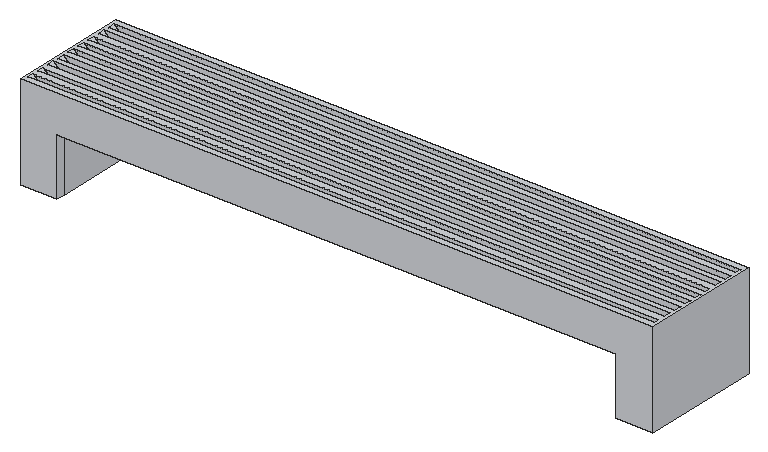
Revit family "SP10", category Mechanical Equipment, Revit 2017
Family settings
  Round Connector Dimension = Use Diameter
  Part Type = Normal
  OmniClass Number = 23.75.00.00
  OmniClass Title = Climate Control (HVAC)
  Work Plane-Based = No
  Always vertical = Yes
  Cut with Voids When Loaded = No
  Shared = No
  Room Calculation Point = No
Parameters
  Width = 227 mm
  Length = 1200 mm
  Leg height = 180 mm
  Height = 180 mm
Reference planes
  plane 1 "Center (Front/Back)": y = 0
  plane 2: z = 0
  plane 3 "Center (Left/Right)": x = 0
  plane 4: x = 0
  plane 5: x = -600
  plane 6: x = 600
  plane 7: x = -595
  plane 8: x = -580
  plane 9: x = 595
  plane 10: x = 580
  plane 11: x = 597
  plane 12: x = -597
  plane 13: z = 180
  plane 14: z = 165
  plane 15: z = 125
  plane 16: z = 110
  plane 17: y = -3
  plane 18: y = -227
  plane 19: y = -224
  plane 20: y = -209
  plane 21: y = -18
  plane 22: x = -530
  plane 23: x = 530
  plane 24: x = -533
  plane 25: x = 533
  plane 26 "Center": y = -113.5
Forms (mm)
  Extrusion 1, solid
    sketch origin (0, 0, 0) x (1, 0, 0) y (0, 0, 1)
      loop
        line (-600, 180) -> (-600, 110) -> (-595, 110) -> (-580, 125) -> (-580, 165) -> (-595, 180) -> (-600, 180)
      loop
        line (600, 180) -> (595, 180) -> (580, 165) -> (580, 125) -> (595, 110) -> (600, 110) -> (600, 180)
    from 0 to 227
  Extrusion 2, solid
    sketch origin (0, 0, 0) x (1, 0, 0) y (0, 1, 0)
      loop
        line (530, -18) -> (533, -18) -> (533, -3) -> (597, -3) -> (597, -224) -> (533, -224) -> (533, -209) -> (530, -209) -> (530, -227) -> (600, -227) -> (600, 0) -> (530, 0) -> (530, -18)
      loop
        line (-530, -18) -> (-530, 0) -> (-600, 0) -> (-600, -227) -> (-530, -227) -> (-530, -209) -> (-533, -209) -> (-533, -224) -> (-597, -224) -> (-597, -3) -> (-533, -3) -> (-533, -18) -> (-530, -18)
    from 0 to 110
  Extrusion 3, solid
    sketch origin (0, 0, 0) x (1, 0, 0) y (0, 1, 0)
      loop
        line (-595, 0) -> (-595, -11) -> (595, -11) -> (595, 0) -> (-595, 0)
    from 110 to 180
  Extrusion 4, solid
    sketch origin (0, -24, 0) x (1, 0, 0) y (0, 1, 0)
      loop
        line (-595, 0) -> (-595, -11) -> (595, -11) -> (595, 0) -> (-595, 0)
    from 110 to 180
  Extrusion 5, solid
    sketch origin (0, -48, 0) x (1, 0, 0) y (0, 1, 0)
      loop
        line (-595, 0) -> (-595, -11) -> (595, -11) -> (595, 0) -> (-595, 0)
    from 110 to 180
  Extrusion 6, solid
    sketch origin (0, -72, 0) x (1, 0, 0) y (0, 1, 0)
      loop
        line (-595, 0) -> (-595, -11) -> (595, -11) -> (595, 0) -> (-595, 0)
    from 110 to 180
  Extrusion 7, solid
    sketch origin (0, -96, 0) x (1, 0, 0) y (0, 1, 0)
      loop
        line (-595, 0) -> (-595, -11) -> (595, -11) -> (595, 0) -> (-595, 0)
    from 110 to 180
  Extrusion 8, solid
    sketch origin (0, -120, 0) x (1, 0, 0) y (0, 1, 0)
      loop
        line (-595, 0) -> (-595, -11) -> (595, -11) -> (595, 0) -> (-595, 0)
    from 110 to 180
  Extrusion 9, solid
    sketch origin (0, -144, 0) x (1, 0, 0) y (0, 1, 0)
      loop
        line (-595, 0) -> (-595, -11) -> (595, -11) -> (595, 0) -> (-595, 0)
    from 110 to 180
  Extrusion 10, solid
    sketch origin (0, -168, 0) x (1, 0, 0) y (0, 1, 0)
      loop
        line (-595, 0) -> (-595, -11) -> (595, -11) -> (595, 0) -> (-595, 0)
    from 110 to 180
  Extrusion 11, solid
    sketch origin (0, -192, 0) x (1, 0, 0) y (0, 1, 0)
      loop
        line (-595, 0) -> (-595, -11) -> (595, -11) -> (595, 0) -> (-595, 0)
    from 110 to 180
  Extrusion 12, solid
    sketch origin (0, -216, 0) x (1, 0, 0) y (0, 1, 0)
      loop
        line (-595, 0) -> (-595, -11) -> (595, -11) -> (595, 0) -> (-595, 0)
    from 110 to 180
  Extrusion 13, solid
    sketch origin (0, 0, 0) x (1, 0, 0) y (0, 1, 0)
      loop
        circle (-553, -53.5) r 10.5
      loop
        circle (-553, -173.5) r 10.5
      loop
        circle (553, -53.5) r 10.5
      loop
        circle (553, -173.5) r 10.5
    from 95 to 110
  Extrusion 14, solid
    sketch origin (0, 0, 0) x (1, 0, 0) y (0, 1, 0)
      loop
        line (-533, -18) -> (-533, -209) -> (-530, -209) -> (-530, -18) -> (-533, -18)
      loop
        line (533, -18) -> (530, -18) -> (530, -209) -> (533, -209) -> (533, -18)
    from 0 to 110
Cuts and joins
  joined: Extrusion 1, Extrusion 2, Extrusion 3, Extrusion 4, Extrusion 5, Extrusion 6, Extrusion 7, Extrusion 8, Extrusion 9, Extrusion 10, Extrusion 11, Extrusion 12
Dimensions and locks
  equal spacing: plane 5, plane 4, plane 6
  "Length": plane 5 to plane 6
  locked: plane 7 to plane 8 at 15
  locked: plane 5 to plane 7 at 5
  locked: plane 9 to plane 10 at 15
  locked: plane 6 to plane 9 at 5
  locked: plane 11 to plane 6 at 3
  locked: plane 5 to plane 12 at 3
  "Height": plane 13 to level
  locked: plane 13 to plane 14 at 15
  locked: plane 13 to plane 16 at 70
  locked: plane 15 to plane 16 at 15
  "Width": plane 18 to plane 1 "Center (Front/Back)"
  locked: plane 23 to plane 6 at 70
  locked: plane 17 to plane 1 "Center (Front/Back)" at 3
  locked: plane 19 to plane 18 at 3
  locked: plane 21 to plane 1 "Center (Front/Back)" at 18
  locked: plane 20 to plane 18 at 18
  locked: plane 24 to plane 22 at 3
  locked: plane 23 to plane 25 at 3
  Extrusion 3 sketch curve to Extrusion 3 sketch curve = 11 mm
  Extrusion 4 sketch curve to Extrusion 4 sketch curve = 11 mm
  Extrusion 5 sketch curve to Extrusion 5 sketch curve = 11 mm
  Extrusion 6 sketch curve to Extrusion 6 sketch curve = 11 mm
  Extrusion 7 sketch curve to Extrusion 7 sketch curve = 11 mm
  Extrusion 8 sketch curve to Extrusion 8 sketch curve = 11 mm
  Extrusion 9 sketch curve to Extrusion 9 sketch curve = 11 mm
  Extrusion 10 sketch curve to Extrusion 10 sketch curve = 11 mm
  Extrusion 11 sketch curve to Extrusion 11 sketch curve = 11 mm
  Extrusion 12 sketch curve to Extrusion 12 sketch curve = 11 mm
  locked: plane 5 to plane 22 at 70
  equal spacing: plane 18, plane 26 "Center", plane 1 "Center (Front/Back)"
  Extrusion 13 sketch curve to plane 1 "Center (Front/Back)" = 53.5 mm
  Extrusion 13 sketch curve to plane 18 = 53.5 mm
  locked: plane 5 to Extrusion 13 sketch curve at 47  (x2)
  locked: Extrusion 13 sketch curve to plane 1 "Center (Front/Back)" at 53.5
  locked: Extrusion 13 sketch curve to plane 18 at 53.5
  locked: Extrusion 13 sketch curve to plane 6 at 47  (x2)
  locked: plane 16 to Extrusion 13 at 15
  locked: Extrusion 3 to Extrusion 3 at 11
  locked: Extrusion 4 to Extrusion 3 at 13
  plane 21 to Extrusion 4 to Extrusion 4 = 6 mm locked, 11 mm locked
  locked: Extrusion 5 to Extrusion 4 at 13
  locked: Extrusion 5 to Extrusion 5 at 11
  locked: Extrusion 6 to Extrusion 5 at 13
  locked: Extrusion 6 to Extrusion 6 at 11
  locked: Extrusion 7 to Extrusion 6 at 13
  locked: Extrusion 7 to Extrusion 7 at 11
  locked: Extrusion 8 to Extrusion 7 at 13
  locked: Extrusion 8 to Extrusion 8 at 11
  locked: Extrusion 9 to Extrusion 8 at 13
  locked: Extrusion 9 to Extrusion 9 at 11
  locked: Extrusion 10 to Extrusion 9 at 13
  locked: Extrusion 10 to Extrusion 10 at 11
  locked: Extrusion 11 to Extrusion 10 at 13
  locked: Extrusion 11 to Extrusion 11 at 11
  locked: Extrusion 12 to Extrusion 11 at 13
  locked: Extrusion 12 to Extrusion 12 at 11
  aligned and locked: level to plane 2
  aligned and locked: plane 5 to Extrusion 1 sketch curve
  aligned and locked: Extrusion 1 sketch curve to plane 8
  aligned and locked: plane 16 to Extrusion 1 sketch curve
  aligned and locked: Extrusion 1 sketch curve to plane 13
  aligned and locked: Extrusion 1 sketch curve to plane 6
  aligned and locked: plane 13 to Extrusion 1 sketch curve
  aligned and locked: plane 10 to Extrusion 1 sketch curve
  aligned and locked: Extrusion 1 sketch curve to plane 16
  aligned and locked: plane 17 to Extrusion 2 sketch curve
  aligned and locked: Extrusion 2 sketch curve to plane 25  (x2)
  aligned and locked: plane 21 to Extrusion 2 sketch curve
  aligned and locked: plane 23 to Extrusion 2 sketch curve  (x2)
  aligned and locked: plane 1 "Center (Front/Back)" to Extrusion 2 sketch curve
  aligned and locked: plane 11 to Extrusion 2 sketch curve
  aligned and locked: plane 6 to Extrusion 2 sketch curve
  aligned and locked: Extrusion 2 sketch curve to plane 19
  aligned and locked: Extrusion 2 sketch curve to plane 20
  aligned and locked: plane 18 to Extrusion 2 sketch curve
  aligned and locked: plane 22 to Extrusion 2 sketch curve  (x2)
  aligned and locked: Extrusion 2 sketch curve to plane 24  (x2)
  aligned and locked: Extrusion 2 sketch curve to plane 21
  aligned and locked: Extrusion 2 sketch curve to plane 1 "Center (Front/Back)"
  aligned and locked: Extrusion 2 sketch curve to plane 17
  aligned and locked: plane 20 to Extrusion 2 sketch curve
  aligned and locked: Extrusion 2 sketch curve to plane 18
  aligned and locked: plane 19 to Extrusion 2 sketch curve
  aligned and locked: Extrusion 2 sketch curve to plane 12
  aligned and locked: Extrusion 2 sketch curve to plane 5
  aligned and locked: plane 16 to Extrusion 2
  aligned and locked: plane 13 to Extrusion 3
  aligned and locked: Extrusion 3 to plane 16
  aligned and locked: Extrusion 12 to plane 9
  aligned and locked: Extrusion 11 to plane 9
  aligned and locked: Extrusion 10 to plane 9
  aligned and locked: Extrusion 9 to plane 9
  aligned and locked: Extrusion 8 to plane 9
  aligned and locked: Extrusion 7 to plane 9
  aligned and locked: Extrusion 6 to plane 9
  aligned and locked: Extrusion 5 to plane 9
  aligned and locked: Extrusion 4 to plane 9
  aligned and locked: Extrusion 3 to plane 9
  aligned and locked: plane 16 to Extrusion 13
  aligned and locked: plane 13 to Extrusion 12
  aligned and locked: plane 13 to Extrusion 11
  aligned and locked: plane 13 to Extrusion 10
  aligned and locked: plane 13 to Extrusion 9
  aligned and locked: plane 13 to Extrusion 8
  aligned and locked: plane 13 to Extrusion 7
  aligned and locked: plane 13 to Extrusion 6
  aligned and locked: plane 13 to Extrusion 5
  aligned and locked: plane 13 to Extrusion 4
  aligned and locked: Extrusion 12 to plane 16
  aligned and locked: Extrusion 11 to plane 16
  aligned and locked: Extrusion 10 to plane 16
  aligned and locked: Extrusion 9 to plane 16
  aligned and locked: Extrusion 8 to plane 16
  aligned and locked: Extrusion 7 to plane 16
  aligned and locked: Extrusion 6 to plane 16
  aligned and locked: Extrusion 5 to plane 16
  aligned and locked: Extrusion 4 to plane 16
  aligned and locked: Extrusion 1 to plane 18
  aligned and locked: Extrusion 14 sketch curve to plane 21
  aligned and locked: plane 24 to Extrusion 14 sketch curve
  aligned and locked: Extrusion 14 sketch curve to plane 22
  aligned and locked: plane 20 to Extrusion 14 sketch curve
  aligned and locked: plane 21 to Extrusion 14 sketch curve
  aligned and locked: Extrusion 2 to Extrusion 14 sketch curve
  aligned and locked: plane 25 to Extrusion 14 sketch curve
  aligned and locked: Extrusion 14 sketch curve to plane 20
  aligned and locked: plane 16 to Extrusion 14
Automatic sketch dimensions
  Extrusion 1 sketch curve to plane 7 = 0 mm  (x2)
  plane 9 to Extrusion 1 sketch curve = 0 mm  (x2)
  Extrusion 1 sketch curve to plane 15 = 0 mm  (x2)
  Extrusion 1 sketch curve to plane 14 = 0 mm  (x2)
  Extrusion 3 sketch curve to Extrusion 3 sketch curve = 1190 mm
  Extrusion 4 sketch curve to Extrusion 4 sketch curve = 1190 mm
  Extrusion 5 sketch curve to Extrusion 5 sketch curve = 1190 mm
  Extrusion 6 sketch curve to Extrusion 6 sketch curve = 1190 mm
  Extrusion 7 sketch curve to Extrusion 7 sketch curve = 1190 mm
  Extrusion 8 sketch curve to Extrusion 8 sketch curve = 1190 mm
  Extrusion 9 sketch curve to Extrusion 9 sketch curve = 1190 mm
  Extrusion 10 sketch curve to Extrusion 10 sketch curve = 1190 mm
  Extrusion 11 sketch curve to Extrusion 11 sketch curve = 1190 mm
  Extrusion 12 sketch curve to Extrusion 12 sketch curve = 1190 mm
  plane 1 "Center (Front/Back)" to Extrusion 3 sketch curve = 0 mm
  Extrusion 3 sketch curve to plane 7 = 0 mm
  Extrusion 4 sketch curve to plane 7 = 0 mm
  Extrusion 4 sketch curve to plane 21 = 17 mm
  Extrusion 5 sketch curve to plane 7 = 0 mm
  Extrusion 5 sketch curve to plane 21 = 41 mm
  Extrusion 6 sketch curve to plane 7 = 0 mm
  Extrusion 6 sketch curve to plane 21 = 65 mm
  Extrusion 7 sketch curve to plane 7 = 0 mm
  Extrusion 7 sketch curve to plane 21 = 89 mm
  Extrusion 8 sketch curve to plane 7 = 0 mm
  Extrusion 8 sketch curve to plane 21 = 113 mm
  Extrusion 9 sketch curve to plane 7 = 0 mm
  Extrusion 9 sketch curve to plane 21 = 137 mm
  Extrusion 10 sketch curve to plane 7 = 0 mm
  plane 20 to Extrusion 10 sketch curve = 30 mm
  Extrusion 11 sketch curve to plane 7 = 0 mm
  plane 20 to Extrusion 11 sketch curve = 6 mm
  Extrusion 12 sketch curve to plane 7 = 0 mm
  Extrusion 12 sketch curve to plane 20 = 18 mm
  radius of Extrusion 13 sketch curve = 10.5 mm  (x4)
